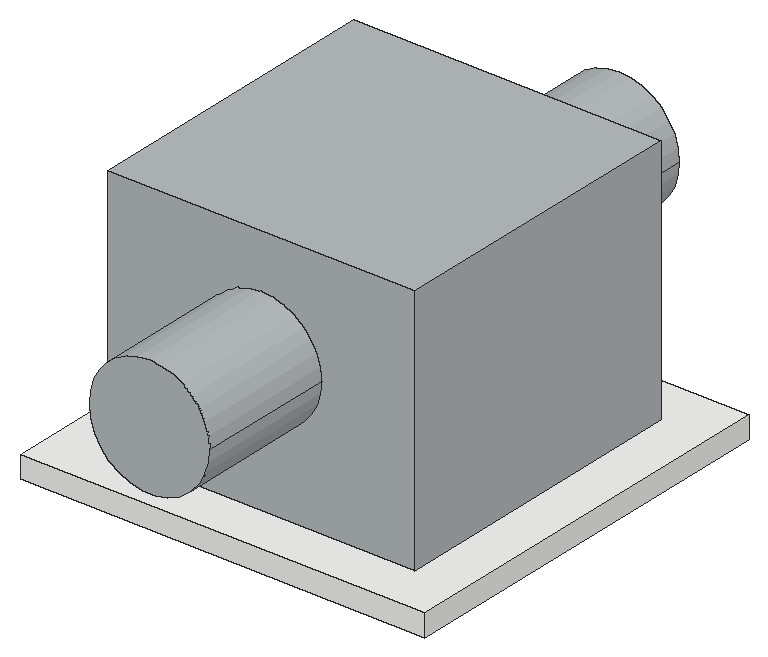
Revit family "vd-13_15zf14-bl_50Hz", category 機械設備, Revit 2019
Family settings
  丸型コネクタ寸法 = 直径を使用
  パーツ タイプ = 標準
  OmniClass 番号 = 23.75.35.17.27
  OmniClass タイトル = Centrifugal Fans
  作業面ベース = いいえ
  常に垂直 = はい
  ロード時にボイドで切り取り = いいえ
  共有 = いいえ
  部屋計算ポイント = はい
Parameters (values of type "VD-15ZF14-BL")
  騒音レベル(dB(A)) [instance] = 35
  風量 [instance] = 210.0 m³/h
  電源種別 [instance] = ""
  電圧 = 100 V
  電動機出力 = 0 W
  電動機_種別 [instance] = ""
  運転質量 = 0.00 kg
  連動 [instance] = ""
  質量 = if(製品質量 > 運転質量, 製品質量, 運転質量) * 1.2  # 5.28 kg
  負荷分類 = 3_ファン類
  説明 = "優良住宅部品(BL部品)認定 ダクト用換気扇<換気ユニット サニタリー用ファン 2室用Ⅱ型>"
  設計風量 [instance] = 0.0 m³/h
  設置方法 = "天埋"
  記号 [instance] = ""
  製造元 = "三菱電機株式会社"
  製品質量 = 4.40 kg
  製品出荷対象 = "国内"
  製品リリース年月 = "2024年6月3日"
  製品グループ = ""
  系統 [instance] = ""
  符号 [instance] = if(☑給気／□排気, "FS", "FE")  # "FE"
  積算_科目 = "2 換気設備"
  積算_拾い区分 [instance] = ""
  相 = 1
  盤記号 [instance] = ""
  発停方法 [instance] = ""
  特殊仕様 [instance] = ""
  火災停止 [instance] = ""
  消費電力 = 20 W
  法定耐用年数 = "15"
  機外静圧 [instance] = 0.0 Pa
  極数 = 2
  材質 [instance] = ""
  操作・制御方式 = ""
  操作・制御スイッチ = ""
  排気量 [instance] = if(☑給気／□排気, 0.0 m³/h, 設計風量)  # 0.0 m³/h
  形式 = "天井埋込ダクト形"
  幹線記号 [instance] = ""
  対象室 [instance] = ""
  実風量 [instance] = 0.0 m³/h
  始動方式 [instance] = "直入"
  外気量 [instance] = if(☑給気／□排気, 設計風量, 0.0 m³/h)  # 0.0 m³/h
  呼称 = "天井扇"
  周波数 = 50 Hz
  参照している仕様書等のバージョン = ""
  分類コード = "50052503100030"
  分類グループ = ""
  価格 = 41800
  企業コード = "108420"
  付属品_防振装置 = ""
  付属品 [instance] = ""
  仕様書バージョン = "Version1.0"
  モデル = "VD-15ZF14-BL"
  マテリアル = 鋼板
  ファンの種類 = ""
  ダクト径 = 100 mm
  コメント [instance] = ""
  Keynote = ""
  カバーマテリアル = 合成樹脂(白)
  ☑給気／□排気 [instance] = no
  Width = 251 mm
  W1 = 330 mm
  Version = ""
  Uniclass2015Version = "Systems v1.9"
  Uniclass2015Title = "Centrifugal fans"
  Uniclass2015Code = "Pr_65_67_29_12"
  URL = "https://www.mitsubishielectric.co.jp/ldg/wink/qr/002/333607/"
  SpecificationReference = ""
  SpecificationDescription = ""
  Revision = ""
  RAダクト接続口_3 = no
  RAダクト接続口_2 = no
  RAダクト接続口_1 = yes
  RAサイズ_D = 98 mm
  RA_Duct_Height = 111 mm
  RA_Duct_Depth = 114 mm
  ProductInformation = ""
  OmniClassCode = "23-33 31 19 11 15"
  MIN風量 = 0.0 m³/h
  MIN静圧 = 0.0 Pa
  MID風量 = 0.0 m³/h
  MID静圧 = 0.0 Pa
  MAX風量 = 210.0 m³/h
  MAX静圧 = 0.0 Pa
  IfcTypeProduct = ""
  IfcProduct = ""
  IfcExportType = "PROPELLORAXIAL"
  IfcExportAs = "IfcFanType"
  Height = 204 mm
  H1 = 18 mm
  EAサイズ_D = 98 mm
  EA_Duct_Height = 111 mm
  EA_Duct_Depth = 114 mm
  Duct_Height = 111 mm
  Duct_Depth = 114 mm
  Duct_Center = 0 mm
  Depth = 251 mm
  D1 = 330 mm
  Box_Width = 24.336 mm
  Box_W = 104.664 mm
  Box_Height = 87 mm
  Box_H = 41.608 mm
  Author = "三菱電機株式会社"
Types (2, lengths in mm): name | 騒音レベル(dB(A)) | 風量 | 説明 | 消費電力 | 価格 | モデル | URL | MAX風量
  VD-13ZF14-BL | 29 | 175.0 m³/h | "優良住宅部品(BL部品)認定 ダクト用換気扇<換気ユニット サニタリー用ファン 2室用I型>" | 13.5 W | 38900 | "VD-13ZF14-BL" | "https://www.mitsubishielectric.co.jp/ldg/wink/qr/002/333587/" | 175.0 m³/h
  VD-15ZF14-BL | 35 | 210.0 m³/h | "優良住宅部品(BL部品)認定 ダクト用換気扇<換気ユニット サニタリー用ファン 2室用Ⅱ型>" | 20 W | 41800 | "VD-15ZF14-BL" | "https://www.mitsubishielectric.co.jp/ldg/wink/qr/002/333607/" | 210.0 m³/h
Reference planes
  plane 1 "中心(正面/背面)": y = 0
  plane 2: z = 0
  plane 3 "中心(左/右)": x = 0
  plane 4: x = -165
  plane 5: x = 165
  plane 6: y = 165
  plane 7: y = -165
  plane 8: x = -125.5
  plane 9: x = 125.5
  plane 10: y = 125.5
  plane 11: y = -125.5
  plane 12: y = -239.5
  plane 13: z = 204
  plane 14: z = -18
  plane 15: z = 111
  plane 16: x = 0
  plane 17: y = 239.5
  plane 18: z = 111
  plane 19: x = 239.5
  plane 20: x = -239.5
  plane 21: z = 111
  plane 22: x = 104.664
  plane 23: x = 80.327
  plane 24: z = 23.608
  plane 25: z = 110.608
Forms (mm)
  Extrusion 1, solid, material "鋼板" <- "マテリアル", detail levels fine
    sketch origin (0, 0, 0) x (1, 0, 0) y (0, 1, 0)
      loop
        line (-125.5, 125.5) -> (-125.5, -125.5) -> (125.5, -125.5) -> (125.5, 125.5) -> (-125.5, 125.5)
    from 0 to 204
  Extrusion 2, solid, material "合成樹脂(白)" <- "カバーマテリアル", detail levels fine
    sketch origin (0, 0, 0) x (1, 0, 0) y (0, 1, 0)
      loop
        line (-165, 165) -> (-165, -165) -> (165, -165) -> (165, 165) -> (-165, 165)
    from 0 to -18
  Extrusion 3, solid, material "鋼板" <- "マテリアル", detail levels fine
    sketch origin (0, 0, 0) x (1, 0, 0) y (0, 0, 1)
      loop
        circle (0, 111) r 49
    from 125.5 to 239.5
  Extrusion 4, solid, material "鋼板" <- "マテリアル", visible <- "RAダクト接続口_1", detail levels fine
    sketch origin (1.655, 0, 0) x (1, 0, 0) y (0, 0, 1)
      loop
        circle (-1.655, 111) r 49
    from -239.5 to -125.5
  Extrusion 5, solid, material "鋼板" <- "マテリアル", visible <- "RAダクト接続口_3", detail levels fine
    sketch origin (0, 0, 0) x (0, 1, 0) y (0, 0, 1)
      loop
        circle (0, 111) r 49
    from -239.5 to -125.5
  Extrusion 6, solid, material "鋼板" <- "マテリアル", visible <- "RAダクト接続口_2", detail levels fine
    sketch origin (0, 0, 0) x (0, 1, 0) y (0, 0, 1)
      loop
        circle (0, 111) r 49
    from 125.5 to 239.5
Dimensions and locks
  equal spacing: plane 4, plane 3 "中心(左/右)", plane 5
  "W1": plane 4 to plane 5
  equal spacing: plane 6, plane 1 "中心(正面/背面)", plane 7
  "D1": plane 6 to plane 7
  equal spacing: plane 8, plane 3 "中心(左/右)", plane 9
  "Width": plane 8 to plane 9
  equal spacing: plane 10, plane 1 "中心(正面/背面)", plane 11
  "Depth": plane 10 to plane 11
  "EA_Duct_Depth": plane 11 to plane 12
  "Height": plane 13 to plane 2
  "EA_Duct_Height": plane 15 to plane 2
  "H1": plane 2 to plane 14
  "Duct_Center": plane 3 "中心(左/右)" to plane 16
  "RA_Duct_Height": level to plane 18
  "RA_Duct_Depth": plane 17 to plane 10
  "RA_Duct_Depth": plane 9 to plane 19
  "RA_Duct_Depth": plane 20 to plane 8
  "RA_Duct_Height": plane 21 to level
  "Box_W": plane 22 to plane 3 "中心(左/右)"
  "Box_Width": plane 22 to plane 23
  "Box_H": plane 24 to plane 14
  "Box_Height": plane 25 to plane 24
  "EAサイズ_D": diameter of Extrusion 3 sketch curve
  "RAサイズ_D": diameter of Extrusion 4 sketch curve
  "RAサイズ_D": diameter of Extrusion 6 sketch curve
  "RAサイズ_D": diameter of Extrusion 6
  aligned and locked: level to plane 2
  aligned and locked: plane 5 to Extrusion 2
  aligned and locked: plane 6 to Extrusion 2
  aligned and locked: Extrusion 2 to plane 4
  aligned and locked: Extrusion 2 to plane 7
  aligned and locked: plane 9 to Extrusion 1
  aligned and locked: Extrusion 1 to plane 11
  aligned and locked: Extrusion 1 to plane 8
  aligned and locked: plane 10 to Extrusion 1
  aligned and locked: plane 13 to Extrusion 1
  aligned and locked: Extrusion 2 to plane 14
  aligned and locked: level to Extrusion 2
  aligned and locked: Extrusion 1 to level
  aligned and locked: Extrusion 3 to plane 12
  aligned and locked: plane 11 to Extrusion 3
  aligned and locked: plane 17 to Extrusion 4
  aligned and locked: Extrusion 4 to plane 10
  aligned and locked: plane 8 to Extrusion 5
  aligned and locked: Extrusion 5 to plane 20
  aligned and locked: Extrusion 6 to plane 9
  aligned and locked: plane 19 to Extrusion 6
Automatic sketch dimensions
  Extrusion 1 sketch curve to plane 3 "中心(左/右)" = 125.5 mm
  plane 3 "中心(左/右)" to Extrusion 1 sketch curve = 125.5 mm
  Extrusion 2 sketch curve to plane 3 "中心(左/右)" = 165 mm
  plane 3 "中心(左/右)" to Extrusion 2 sketch curve = 165 mm
  plane 1 "中心(正面/背面)" to Extrusion 1 sketch curve = 125.5 mm
  Extrusion 1 sketch curve to plane 1 "中心(正面/背面)" = 125.5 mm
  plane 1 "中心(正面/背面)" to Extrusion 2 sketch curve = 165 mm
  Extrusion 2 sketch curve to plane 1 "中心(正面/背面)" = 165 mm
  Extrusion 3 sketch curve to plane 15 = 0 mm
  Extrusion 3 sketch curve to plane 16 = 0 mm
  Extrusion 4 sketch curve to plane 16 = 0 mm
  Extrusion 4 sketch curve to plane 18 = 0 mm
  Extrusion 6 sketch curve to plane 1 "中心(正面/背面)" = 0 mm
  Extrusion 6 sketch curve to plane 18 = 0 mm
  Extrusion 5 sketch curve to plane 1 "中心(正面/背面)" = 0 mm
  Extrusion 5 sketch curve to plane 18 = 0 mm
  radius of Extrusion 5 sketch curve = 49 mm
Nested families
  nested 1: "記号_天井換気扇_平面" at (0, 0, 0), type "記号_天井換気扇_平面", detail levels coarse+medium
Connectors
  hvac at (0, -239.5, 111), driven by "ダクト径", driven by "風量", driven by "機外静圧"
    settings: on Extrusion 3, index 1, duct flow 210.0 m³/h, flow factor 0, pres drop 0.0 Pa, loss coef 0, conn angle 0.00°, conn width 304.8 mm, conn height 304.8 mm, conn diameter 100 mm, duct sys type 3, conn prof type 0, flow config 0, flow direction 2, loss method 4, conn ref index -1, conn util no, is conn primary yes, conn desc ""
  electrical at (0, 0, 204), driven by "極数", driven by "負荷分類", driven by "電圧", driven by "消費電力"
    settings: on Extrusion 1, index 2, voltage 100 V, apparent load 20 VA, apparent load phase1 0 VA, apparent load phase2 0 VA, apparent load phase3 0 VA, power factor 1, load classification "3_ファン類", number of poles 2, system type 30, power factor state 1, is connector primary yes, connector utility no, sub classification motor no, connector description ""
  hvac at (0, 239.5, 111), driven by "ダクト径", driven by "機外静圧", driven by "風量"
    settings: on Extrusion 4, index 4, duct flow 210.0 m³/h, flow factor 0, pres drop 0.0 Pa, loss coef 0, conn angle 0.00°, conn width 304.8 mm, conn height 304.8 mm, conn diameter 100 mm, duct sys type 2, conn prof type 0, flow config 0, flow direction 1, loss method 4, conn ref index -1, conn util no, is conn primary no, conn desc ""
  hvac at (239.5, 0, 111), driven by "RAサイズ_D", driven by "機外静圧", driven by "風量"
    settings: on Extrusion 6, index 5, duct flow 210.0 m³/h, flow factor 0, pres drop 0.0 Pa, loss coef 0, conn angle 0.00°, conn width 304.8 mm, conn height 304.8 mm, conn diameter 98 mm, duct sys type 2, conn prof type 0, flow config 0, flow direction 1, loss method 4, conn ref index -1, conn util no, is conn primary no, conn desc ""
  hvac at (-239.5, 0, 111), driven by "RAサイズ_D", driven by "機外静圧", driven by "風量"
    settings: on Extrusion 5, index 6, duct flow 210.0 m³/h, flow factor 0, pres drop 0.0 Pa, loss coef 0, conn angle 0.00°, conn width 304.8 mm, conn height 304.8 mm, conn diameter 98 mm, duct sys type 2, conn prof type 0, flow config 0, flow direction 1, loss method 4, conn ref index -1, conn util no, is conn primary no, conn desc ""
Definition of nested family "記号_天井換気扇_平面"
  Reference planes
    plane 1: y = 0
    plane 2: x = 0
  Lines and regions (mm)
    detail lines
      curve 1: line (-2.5, 2.5, 0) -> (2.5, 2.5, 0)
      curve 2: line (-2.5, -2.5, 0) -> (-2.5, 2.5, 0)
      curve 3: line (2.5, -2.5, 0) -> (-2.5, -2.5, 0)
      curve 4: line (2.5, 2.5, 0) -> (2.5, -2.5, 0)
      curve 5: circle (-1.04, -1.04, 0) r 1.46 normal (0, 0, 1)
      curve 6: circle (1.04, 1.04, 0) r 1.46 normal (0, 0, 1)
      curve 7: line (-3.125, 3.125, 0) -> (3.125, 3.125, 0)
      curve 8: line (-3.125, -3.125, 0) -> (-3.125, 3.125, 0)
      curve 9: line (3.125, -3.125, 0) -> (-3.125, -3.125, 0)
      curve 10: line (3.125, 3.125, 0) -> (3.125, -3.125, 0)
      curve 11: circle (1.295, 1.295, 0) r 1.83 normal (0, 0, 1)
      curve 12: circle (-1.295, -1.295, 0) r 1.83 normal (0, 0, 1)
      curve 13: line (-2, 2, 0) -> (2, 2, 0)
      curve 14: line (-2, -2, 0) -> (-2, 2, 0)
      curve 15: line (2, -2, 0) -> (-2, -2, 0)
      curve 16: line (2, 2, 0) -> (2, -2, 0)
      curve 17: circle (0.84, 0.84, 0) r 1.16 normal (0, 0, 1)
      curve 18: circle (-0.84, -0.84, 0) r 1.2 normal (0, 0, 1)
